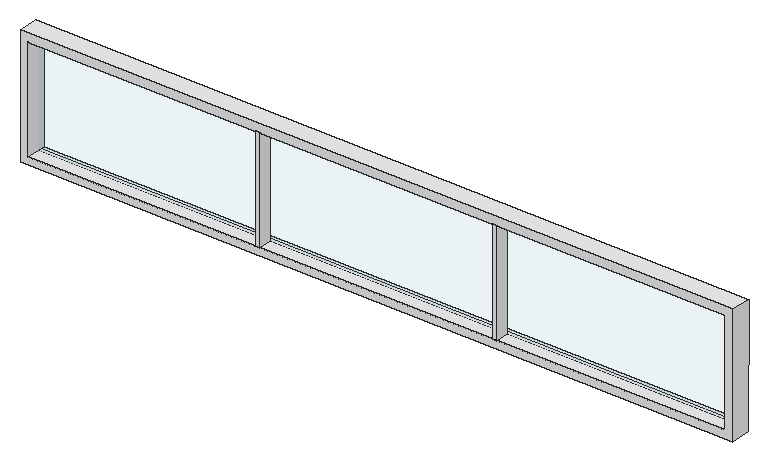
Revit family
Parameters (values of type "900x5400 mm")
  창프레임 = ""
  창철물 = ""
  창유리/마감 = ""
  창위치/개소 = ""
  창부호 = ""
  창번호 = ""
  창기호 = ""
  유리 = 유리
  프레임 = 상영관 창 프레임
  Assembly Code = ""
  Height = 900 mm
  기본 씰 높이 = 800 mm
  Wall Closure = (empty or 0)
  Width = 5400 mm
Reference planes
  plane 1: y = 0
  plane 2 "중심(왼쪽/오른쪽)": x = 0
  plane 3 "왼쪽": x = -2700
  plane 4 "오른쪽": x = 2700
  plane 5 "씰": z = 800
  plane 6 "헤드": z = 1700
  plane 7 "외부": y = 100
  plane 8 "내부": y = -100
  plane 9: y = 45
  plane 10: y = 120
  plane 11: y = 90
  plane 12: y = 65
  plane 13: y = -25
  plane 14: y = -30
  plane 15: z = 2000
  plane 16: z = 500
  plane 17: x = 4800
  plane 18: x = -4800
  plane 19: x = -1800
  plane 20: x = -900
  plane 21: x = 0
  plane 22: x = 900
  plane 23: x = 1800
  plane 24: x = 900
  plane 25: x = -1815
  plane 26: x = -1785
  plane 27: x = -885
  plane 28: x = -900
  plane 29: x = -915
  plane 30: x = 15
  plane 31: x = -15
  plane 32: x = 915
  plane 33: x = 885
  plane 34: x = 1815
  plane 35: x = 1785
Forms (mm)
  Sweep 1, solid, material "상영관 창 프레임" <- "프레임"
    path origin (0, 100, 0) x (1, 0, 0) y (0, 0, 1)
      loop
        line (2700, 800) -> (2700, 1700) -> (-2700, 1700) -> (-2700, 800) -> (2700, 800)
    profile origin (2700, 100, 1250) x (-1, 0, 0) y (0, -1, 0)
      loop
        line (0, -20) -> (60, -20) -> (60, 130) -> (0, 130) -> (0, -20)
  Extrusion 2, solid, material "상영관 창 프레임" <- "프레임"
    sketch origin (0, 0, 0) x (1, 0, 0) y (0, 1, 0)
      loop
        line (-915, -30) -> (-885, -30) -> (-885, 65) -> (-915, 65) -> (-915, -30)
      loop
        line (885, -30) -> (915, -30) -> (915, 65) -> (885, 65) -> (885, -30)
    from 860 to 1640
  Extrusion 3, solid, material "유리" <- "유리"
    sketch origin (0, 0, 0) x (1, 0, 0) y (0, 1, 0)
      loop
        line (-2640, 65) -> (-900, 65) -> (-900, 90) -> (-2640, 90) -> (-2640, 65)
    from 860 to 1640
  Extrusion 4, solid, material "유리" <- "유리"
    sketch origin (2440, 0, 0) x (1, 0, 0) y (0, 1, 0)
      loop
        line (-3340, 65) -> (-1540, 65) -> (-1540, 90) -> (-3340, 90) -> (-3340, 65)
    from 860 to 1640
  Extrusion 5, solid, material "유리" <- "유리"
    sketch origin (4940, 0, 0) x (1, 0, 0) y (0, 1, 0)
      loop
        line (-4040, 65) -> (-2300, 65) -> (-2300, 90) -> (-4040, 90) -> (-4040, 65)
    from 860 to 1640
Lines and regions (mm)
  Opening 1
    outline origin (3500, -100, 0) x (1, 0, 0) y (0, 0, 1)
      loop
        line (-800, 800) -> (-800, 1700) -> (-6200, 1700) -> (-6200, 800) -> (-800, 800)
  symbolic lines, style "WindowsOpeningProjection"
    curve 1: line (-2695, 100, 1695) -> (-2695, 100, 805)
    curve 2: line (-2705, 100, 1705) -> (2705, 100, 1705)
    curve 3: line (-4800, 100, 1700) -> (4800, 100, 1700)
    curve 4: line (-2695, 100, 1695) -> (2695, 100, 1695)
    curve 5: line (-2700, 100, 2000) -> (-2700, 100, 500)
    curve 6: line (-2705, 100, 1705) -> (-2705, 100, 795)
    curve 7: line (2695, 100, 1695) -> (2695, 100, 805)
    curve 8: line (2700, 100, 2000) -> (2700, 100, 500)
    curve 9: line (2705, 100, 1705) -> (2705, 100, 795)
    curve 10: line (-2705, 100, 795) -> (2705, 100, 795)
    curve 11: line (-4800, 100, 800) -> (4800, 100, 800)
    curve 12: line (-2695, 100, 805) -> (2695, 100, 805)
Text (mm)
  text "외부" at (-1963.203, 1332.353, 0), in view "참조 레벨"
  text "내부" at (-1981.466, -818.386, 0), in view "참조 레벨"
  text "외부" at (0, 923.751, 2943.296), in view "오른쪽"
  text "외부" at (0, 1040.484, 2685.409), in view "왼쪽"
Dimensions and locks
  equal spacing: plane 3 "왼쪽", plane 2 "중심(왼쪽/오른쪽)", plane 4 "오른쪽"
  "Width": plane 3 "왼쪽" to plane 4 "오른쪽"
  "Height": plane 5 "씰" to plane 6 "헤드"
  "기본 씰 높이": plane 5 "씰" to level
  locked: plane 7 "외부" to host wall at 0
  locked: plane 8 "내부" to host wall
  locked: plane 7 "외부" to plane 10 at 20
  locked: plane 11 to plane 7 "외부" at 10
  locked: plane 12 to plane 11 at 25
  locked: plane 13 to plane 12 at 90
  locked: plane 14 to plane 10 at 150
  curve 4 to curve 3 to curve 2 = 5 mm locked, 5 mm locked
  curve 1 to curve 5 to curve 6 = 5 mm locked, 5 mm locked
  curve 7 to curve 8 to curve 9 = 5 mm locked, 5 mm locked
  curve 12 to curve 11 to curve 10 = 5 mm locked, 5 mm locked
  equal spacing: plane 3 "왼쪽", plane 19, plane 20, plane 21, plane 22, plane 23, plane 4 "오른쪽"
  plane 25 to plane 19 to plane 26 = 15 mm locked, 15 mm locked
  plane 29 to plane 28 to plane 27 = 15 mm locked, 15 mm locked
  plane 31 to plane 21 to plane 30 = 15 mm locked, 15 mm locked
  plane 33 to plane 24 to plane 32 = 15 mm locked, 15 mm locked
  plane 35 to plane 23 to plane 34 = 15 mm locked, 15 mm locked
  plane 3 "왼쪽" to plane 28 to plane 24 to plane 4 "오른쪽" = 1800 mm, 1800 mm, 1800 mm
  locked: Sweep 1 to plane 6 "헤드" at 60
  aligned and locked: curve 8 to Sweep 1
  aligned and locked: curve 3 to Sweep 1
  aligned and locked: Sweep 1 to curve 11
  aligned and locked: curve 5 to plane 3 "왼쪽"
  aligned and locked: Extrusion 2 to Sweep 1  (x2)
  aligned and locked: Sweep 1 to Extrusion 3 sketch curve
  aligned and locked: plane 12 to Extrusion 3 sketch curve
  aligned and locked: plane 11 to Extrusion 3 sketch curve
  aligned and locked: plane 28 to plane 20
  aligned and locked: plane 24 to plane 22
  aligned and locked: Extrusion 5 to Sweep 1  (x2)
  aligned and locked: Extrusion 4 to Sweep 1
  aligned and locked: Extrusion 3 to Sweep 1
  aligned and locked: plane 20 to Extrusion 3 sketch curve
  aligned and locked: Sweep 1 to plane 6 "헤드"
  aligned and locked: Sweep 1 to plane 5 "씰"
Automatic sketch dimensions
  Opening 1 sketch curve to plane 3 "왼쪽" = 0 mm
  Opening 1 sketch curve to plane 4 "오른쪽" = 0 mm
  Opening 1 sketch curve to plane 5 "씰" = 0 mm
  Opening 1 sketch curve to plane 6 "헤드" = 0 mm
  Sweep 1 sketch curve to plane 3 "왼쪽" = 0 mm
  Sweep 1 sketch curve to plane 4 "오른쪽" = 0 mm
  Sweep 1 sketch curve to plane 5 "씰" = 0 mm
  plane 6 "헤드" to Sweep 1 sketch curve = 0 mm
  profile plane to Sweep 1 sketch curve = 0 mm
  Sweep 1 sketch curve to profile plane = 60 mm
  Sweep 1 sketch curve to plane 7 "외부" = 20 mm
  plane 7 "외부" to Sweep 1 sketch curve = 130 mm
  curve 3 to plane 18 = 0 mm
  curve 11 to plane 18 = 0 mm
  curve 11 to plane 17 = 0 mm
  curve 3 to plane 17 = 0 mm
  curve 5 to plane 16 = 0 mm
  curve 8 to plane 16 = 0 mm
  curve 8 to plane 15 = 0 mm
  curve 5 to plane 15 = 0 mm
  Extrusion 2 sketch curve to plane 14 = 0 mm  (x2)
  Extrusion 2 sketch curve to plane 29 = 0 mm
  Extrusion 2 sketch curve to plane 27 = 0 mm
  Extrusion 2 sketch curve to plane 12 = 0 mm  (x2)
  Extrusion 2 sketch curve to plane 33 = 0 mm
  Extrusion 2 sketch curve to plane 32 = 0 mm
  Extrusion 4 sketch curve to plane 11 = 0 mm
  Extrusion 4 sketch curve to plane 20 = 0 mm
  plane 2 "중심(왼쪽/오른쪽)" to Extrusion 4 sketch curve = 900 mm
  Extrusion 4 sketch curve to plane 12 = 0 mm
  Extrusion 5 sketch curve to plane 11 = 0 mm
  Extrusion 5 sketch curve to plane 22 = 0 mm
  Extrusion 5 sketch curve to plane 23 = 840 mm
  Extrusion 5 sketch curve to plane 12 = 0 mm
